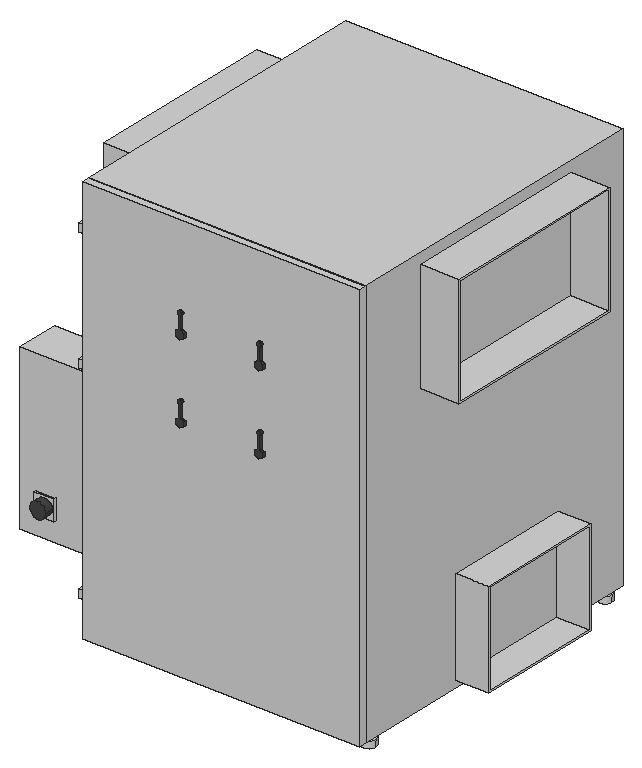
Revit family "Ventilator-RenewAire-Energy-Recovery-HE2XINV", category Mechanical Equipment, Revit 2015
Parameters (values of type "1.5 HP 120V Single Phase")
  Voltage = "120"
  Ventilation Type = "Static Plate, Heat and Humidity Transfer"
  Unit Width = "42\""
  Unit Weight = "412-583 lbs."
  Unit Length = "50-1/2\""
  Unit Height = "52-1/2\""
  Unit = Metal - RenewAire - Anodized - Gray Text
  URL = "www.renewaire.com"
  Typical Airflow Range = "500-2,200 CFM"
  Standard Features = "TEFC Premium efficiency motors, Motor starters, Non-Fused Disconnect, 24VAC Transformer/Relay Package"
  Shipping Weight = "678 lbs."
  Service Area Visibility = no
  Service Area Box = Interference - RenewAire - Smooth - Light - Gold
  Revit Object Download Link = ""
  Phase = "Single"
  Options = "Integrated programmable controls, Fused disconnect, Double wall construction, Factory supplied and mounted variable frequency drives (VFDs) – one or both airstreams, Class 1 low leakage motorized isolation dampers – OA, RA or both airstreams, Qty. 2 Factory mounted filter alarms, Exterior Paint - white, custom colors, Bypass economizer (see bypass DIM drawing) – dry bulb temperature controls (standard), enthalpy controls (option)"
  Optional Motorized Damper - FA = yes
  Optional Motorized Damper - EA = yes
  Number Motors = "Qty. 2, Belt drive blower/standard motor packages with adjustable sheaves"
  Model = "HE 2XINV"
  Minimum Circuit Amps = "34.2 A"
  Maximum Overcurrent Protection = "45 A"
  Max. Shipping Width = "47\""
  Max. Shipping Length = "70\""
  Max. Shipping Height = "57\""
  Manufacturer = "RenewAire LLC"
  Frequency = "60 HZ"
  FLA per Motor = "15.2"
  Description = "Energy Recovery Ventilator"
  Connector Base Material = Glass - With - Transparency
  Accessories = "Filters - MERV 13, 2\" (shipped loose), Digital time clock - wall mount(TC7D-W), in exterior enclosure (TC7D-E), Motion occupancy control - ceiling mount(MC-C), wall mount(MC-W), Carbon dioxide control - wall mount (CO2-W), duct mount(CO2-D), Electric duct heater – EK series (1-60 KW), Indirect gas-fired duct furnace - GH Series (50-400 MBH), installed downstream of any fans"
  AHRI 1060 Certified Core = "Two L125-G5"
Types (11): name | Voltage | Phase | Options | Minimum Circuit Amps | Maximum Overcurrent Protection | FLA per Motor
  (no name) | "120" | "Single" | "Integrated programmable controls, Fused disconnect, Double wall construction, Factory supplied and mounted variable frequency drives (VFDs) – one or both airstreams, Class 1 low leakage motorized isolation dampers – OA, RA or both airstreams, Qty. 2 Factory mounted filter alarms, Exterior Paint - white, custom colors, Bypass economizer (see bypass DIM drawing) – dry bulb temperature controls (standard), enthalpy controls (option)" | "34.2 A" | "45 A" | "15.2"
  1.5 HP 120V Single Phase | "120" | "Single" | "Integrated programmable controls, Fused disconnect, Double wall construction, Factory supplied and mounted variable frequency drives (VFDs) – one or both airstreams, Class 1 low leakage motorized isolation dampers – OA, RA or both airstreams, Qty. 2 Factory mounted filter alarms, Exterior Paint - white, custom colors, Bypass economizer (see bypass DIM drawing) – dry bulb temperature controls (standard), enthalpy controls (option)" | "34.2 A" | "45 A" | "15.2"
  1.5 HP 208-230V Single Phase | "208-230" | "Single" | "Integrated programmable controls, Fused disconnect, Double wall construction, Factory supplied and mounted variable frequency drives (VFDs) – one or both airstreams, Class 1 low leakage motorized isolation dampers – OA, RA or both airstreams, Qty. 2 Factory mounted filter alarms, Exterior Paint - white, custom colors, Bypass economizer (see bypass DIM drawing) – dry bulb temperature controls (standard), enthalpy controls (option)" | "18.5 A" | "25 A" | "8.2-7.6"
  1.5 HP 208-230V Three Phase | "208-230" | "Three" | "Integrated programmable controls, Fused disconnect, Double wall construction, Factory supplied and mounted variable frequency drives (VFDs) – one or both airstreams, Class 1 low leakage motorized isolation dampers – OA, RA or both airstreams, Qty. 2 Factory mounted filter alarms, Exterior Paint - white, custom colors, Bypass economizer (see bypass DIM drawing) – dry bulb temperature controls (standard), enthalpy controls (option)\r\nIntegrated programmable controls, Fused disconnect, Double wall construction, Factory supplied and mounted variable frequency drives (VFDs) – one or both airstreams, Class 1 low leakage motorized isolation dampers – FA, EA or both airstreams, Qty. 2 Factory mounted filter alarms, Exterior Paint - white, custom colors, Bypass economizer (see bypass DIM drawing) – dry bulb temperature controls (standard), enthalpy controls (option)" | "10.8 A" | "15 A" | "4.6-4.8"
  1.5 HP 460V Three Phase | "460" | "Three" | "Integrated programmable controls, Fused disconnect, Double wall construction, Factory supplied and mounted variable frequency drives (VFDs) – one or both airstreams, Class 1 low leakage motorized isolation dampers – OA, RA or both airstreams, Qty. 2 Factory mounted filter alarms, Exterior Paint - white, custom colors, Bypass economizer (see bypass DIM drawing) – dry bulb temperature controls (standard), enthalpy controls (option)" | "5.4 A" | "15 A" | "2.4"
  1.5 HP 575V Three Phase | "575" | "Three" | "Integrated programmable controls, Fused disconnect, Double wall construction, Factory supplied and mounted variable frequency drives (VFDs) – one or both airstreams, Class 1 low leakage motorized isolation dampers – OA, RA or both airstreams, Qty. 2 Factory mounted filter alarms, Exterior Paint - white, custom colors, Bypass economizer (see bypass DIM drawing) – dry bulb temperature controls (standard), enthalpy controls (option)" | "4.1 A" | "15 A" | "1.8"
  2.0 HP 120V Single Phase | "120" | "Single" | "Integrated programmable controls, Fused disconnect, Double wall construction, Factory supplied and mounted variable frequency drives (VFDs) – one or both airstreams, Class 1 low leakage motorized isolation dampers – OA, RA or both airstreams, Qty. 2 Factory mounted filter alarms, Exterior Paint - white, custom colors, Bypass economizer (see bypass DIM drawing) – dry bulb temperature controls (standard), enthalpy controls (option)" | "45.0 A" | "60 A" | "20.0"
  2.0 HP 208-230V Single Phase | "208-230" | "Single" | "Integrated programmable controls, Fused disconnect, Double wall construction, Factory supplied and mounted variable frequency drives (VFDs) – one or both airstreams, Class 1 low leakage motorized isolation dampers – OA, RA or both airstreams, Qty. 2 Factory mounted filter alarms, Exterior Paint - white, custom colors, Bypass economizer (see bypass DIM drawing) – dry bulb temperature controls (standard), enthalpy controls (option)" | "24.3 A" | "35 A" | "10.8-10.0"
  2.0 HP 208-230V Three Phase | "208-230" | "Three" | "Integrated programmable controls, Fused disconnect, Double wall construction, Factory supplied and mounted variable frequency drives (VFDs) – one or both airstreams, Class 1 low leakage motorized isolation dampers – OA, RA or both airstreams, Qty. 2 Factory mounted filter alarms, Exterior Paint - white, custom colors, Bypass economizer (see bypass DIM drawing) – dry bulb temperature controls (standard), enthalpy controls (option)" | "14.9" | "20 A" | "6.6-5.8"
  2.0 HP 460V Three Phase | "460" | "Three" | "Integrated programmable controls, Fused disconnect, Double wall construction, Factory supplied and mounted variable frequency drives (VFDs) – one or both airstreams, Class 1 low leakage motorized isolation dampers – OA, RA or both airstreams, Qty. 2 Factory mounted filter alarms, Exterior Paint - white, custom colors, Bypass economizer (see bypass DIM drawing) – dry bulb temperature controls (standard), enthalpy controls (option)" | "6.5 A" | "15 A" | "2.9"
  2.0 HP 575V Three Phase | "575" | "Three" | "Integrated programmable controls, Fused disconnect, Double wall construction, Factory supplied and mounted variable frequency drives (VFDs) – one or both airstreams, Class 1 low leakage motorized isolation dampers – OA, RA or both airstreams, Qty. 2 Factory mounted filter alarms, Exterior Paint - white, custom colors, Bypass economizer (see bypass DIM drawing) – dry bulb temperature controls (standard), enthalpy controls (option)" | "5.4 A" | "15 A" | "2.4"
Reference planes (in)
  plane 1 "Center (Front/Back)": y = 0
  plane 2: z = 0
  plane 3 "Center (Left/Right)": x = 0
Forms (in)
  Extrusion 1, solid, material "Metal - RenewAire - Anodized - Gray Text" <- "Unit"
    sketch origin (0, 0, 0) x (1, 0, 0) y (0, 0, 1)
      loop
        line (-17.4375, 51.625) -> (-17.4375, 0) -> (17.4375, 0) -> (17.4375, 51.625) -> (-17.4375, 51.625)
    from 20.25 to -20.25
  Extrusion 2, solid, material "Metal - RenewAire - Anodized - Gray Text"
    sketch origin (0, 0, 0) x (1, 0, 0) y (0, 0, 1)
      loop
        line (-17.4375, 51.625) -> (-17.4375, 0) -> (17.4375, 0) -> (17.4375, 51.625) -> (-17.4375, 51.625)
    from 21.25 to 20.25
  Extrusion 3, solid, material "Metal - RenewAire - Anodized - Gray Text"
    sketch origin (0, 0, 0) x (0, 1, 0) y (0, 0, 1)
      loop
        line (-6.125, 13) -> (-6.125, 1) -> (9.875, 1) -> (9.875, 13) -> (-6.125, 13)
      loop
        line (-6, 12.875) -> (-6, 1.125) -> (9.75, 1.125) -> (9.75, 12.875) -> (-6, 12.875)
    from 21.6875 to 17.4375
  Extrusion 4, solid, material "Metal - RenewAire - Anodized - Gray Text"
    sketch origin (0, 0, 0) x (0, 1, 0) y (0, 0, 1)
      loop
        line (-11.75, 50.375) -> (-11.75, 36.375) -> (12, 36.375) -> (12, 50.375) -> (-11.75, 50.375)
      loop
        line (-11.625, 50.25) -> (-11.625, 36.5) -> (11.875, 36.5) -> (11.875, 50.25) -> (-11.625, 50.25)
    from 22.4375 to 17.4375
  Extrusion 5, solid, material "Metal - RenewAire - Anodized - Gray Text"
    sketch origin (0, 0, 0) x (0, 1, 0) y (0, 0, 1)
      loop
        line (10.125, 13) -> (-5.875, 13) -> (-5.875, 1) -> (10.125, 1) -> (10.125, 13)
      loop
        line (10, 12.875) -> (-5.75, 12.875) -> (-5.75, 1.125) -> (10, 1.125) -> (10, 12.875)
    from -17.4375 to -21.6875
  Extrusion 6, solid, material "Metal - RenewAire - Anodized - Gray Text"
    sketch origin (0, 0, 16.5) x (0, 1, 0) y (0, 0, 1)
      loop
        line (12.375, 33.5) -> (-11.625, 33.5) -> (-11.625, 19.5) -> (12.375, 19.5) -> (12.375, 33.5)
      loop
        line (12.125, 33.25) -> (-11.375, 33.25) -> (-11.375, 19.75) -> (12.125, 19.75) -> (12.125, 33.25)
    from -17.4375 to -22.4375
  Extrusion 7, solid, material "Metal - RenewAire - Anodized - Gray Text" <- "Unit"
    sketch origin (0, 0, 0) x (0, 1, 0) y (0, 0, 1)
      loop
        line (-12.75, 28) -> (-18.25, 28) -> (-18.25, 7.5) -> (-12.75, 7.5) -> (-12.75, 28)
    from -17.4375 to -27.75
  Extrusion 8, solid, material "Metal - RenewAire - Anodized - Gray Text"
    sketch origin (7.625, 0, 0) x (1, 0, 0) y (0, 0, 1)
      loop
        line (-33.375, 12.5) -> (-33.375, 10) -> (-30.875, 10) -> (-30.875, 12.5) -> (-33.375, 12.5)
    from 18.25 to 18.5
  Extrusion 9, solid, material "MonitorPorts"
    sketch origin (7.625, 0, 0) x (1, 0, 0) y (0, 0, 1)
      loop
        circle (-32.125, 11.25) r 1
    from 19.5 to 18.5
  Extrusion 10, solid, material "Interference - RenewAire - Smooth - Light - Gold" <- "Service Area Box", visible <- "Service Area Visibility"
    sketch origin (0, 0, 0) x (1, 0, 0) y (0, 0, 1)
      loop
        line (-27.75, 51.625) -> (-27.75, 0) -> (17.4375, 0) -> (17.4375, 51.625) -> (-27.75, 51.625)
    from 58.125 to 21.25
  Extrusion 11, solid, material "Metal - RenewAire - Anodized - Gray Text"
    sketch origin (0, 0, 0) x (1, 0, 0) y (0, 1, 0)
      loop
        circle (-16.9375, 18.125) r 0.875
      loop
        circle (16.9375, 18.125) r 0.875
      loop
        circle (-16.9375, -19.125) r 0.875
      loop
        circle (16.9375, -19.125) r 0.875
    from 0 to -0.75
  Extrusion 12, solid, material "Metal - RenewAire - Anodized - Gray Text"
    sketch origin (0, 0, 0) x (1, 0, 0) y (0, 1, 0)
      loop
        line (-17.4375, -18) -> (-18.1875, -18) -> (-18.1875, -21) -> (-17.4375, -21) -> (-17.4375, -18)
    from 4.25 to 5.25
  Extrusion 13, solid, material "Metal - RenewAire - Anodized - Gray Text"
    sketch origin (0, 0, 0) x (1, 0, 0) y (0, 1, 0)
      loop
        line (-17.4375, -18) -> (-18.1875, -18) -> (-18.1875, -21) -> (-17.4375, -21) -> (-17.4375, -18)
    from 30.25 to 31.25
  Extrusion 14, solid, material "Metal - RenewAire - Anodized - Gray Text"
    sketch origin (0, 0, 0) x (1, 0, 0) y (0, 1, 0)
      loop
        line (-17.4375, -18) -> (-18.1875, -18) -> (-18.1875, -21) -> (-17.4375, -21) -> (-17.4375, -18)
    from 45.625 to 46.625
Dimensions and locks (in)
  Extrusion 6 sketch curve to Extrusion 6 sketch curve to Extrusion 4 = 0' - 0 1/4", 1' - 1 1/4"
  aligned and locked: level to plane 2
  aligned and locked: Extrusion 7 to Extrusion 10
Nested families (in)
  nested 1: "Monitoring Port" at (-5, -21.25, 41.48274) x (-1, 0, 0) z (0, 0, -1), type "Monitoring Port"
  nested 2: "Monitoring Port" at (-5, -21.25, 31.48274) x (-1, 0, 0) z (0, 0, -1), type "Monitoring Port"
  nested 3: "Monitoring Port" at (5, -21.25, 41.48274) x (-1, 0, 0) z (0, 0, -1), type "Monitoring Port"
  nested 4: "Monitoring Port" at (5, -21.25, 31.48274) x (-1, 0, 0) z (0, 0, -1), type "Monitoring Port"
Connectors (in)
  hvac at (-17.4375, 0.375, 43)
    settings: on Extrusion 6, index 1, duct flow 0 CFM, flow factor 0, pres drop 0.00 in-wg, loss coef 0, conn angle 0.00°, conn width 24", conn height 14", conn diameter 24", duct sys type 2, conn prof type 1, flow config 0, flow direction 1, loss method 0, conn ref index -1, conn util no, is conn primary yes, conn desc "RA (Return Air)"
  hvac at (-17.4375, 2.125, 7)
    settings: on Extrusion 5, index 2, duct flow 0 CFM, flow factor 0, pres drop 0.00 in-wg, loss coef 0, conn angle 0.00°, conn width 16", conn height 12", conn diameter 24", duct sys type 1, conn prof type 1, flow config 0, flow direction 2, loss method 0, conn ref index -1, conn util no, is conn primary no, conn desc "FA (Fresh Air)"
  hvac at (17.4375, 1.875, 7)
    settings: on Extrusion 3, index 3, duct flow 0 CFM, flow factor 0, pres drop 0.00 in-wg, loss coef 0, conn angle 0.00°, conn width 16", conn height 12", conn diameter 24", duct sys type 3, conn prof type 1, flow config 0, flow direction 2, loss method 0, conn ref index -1, conn util no, is conn primary no, conn desc "EA (Exhaust Air)"
  hvac at (17.4375, 0.125, 43.375)
    settings: on Extrusion 4, index 4, duct flow 0 CFM, flow factor 0, pres drop 0.00 in-wg, loss coef 0, conn angle 0.00°, conn width 24", conn height 14", conn diameter 24", duct sys type 4, conn prof type 1, flow config 0, flow direction 1, loss method 0, conn ref index -1, conn util no, is conn primary no, conn desc "OA (Outside Air)"
Definition of nested family "Monitoring Port"
  Parameters
    URL = "www.renewaire.com"
    Revit Object Download Link = ""
    Model = ""
    Manufacturer = "RenewAire LLC"
    Description = "Monitoring Ports"
  Reference planes (in)
    plane 1 "Center (Front/Back)": y = 0
    plane 2: z = 0
    plane 3 "Center (Left/Right)": x = 0
  Forms (in)
    Extrusion 1, solid
      sketch origin (-9.43348, 0, 37.76669) x (-1, 0, 0) y (0, 0, -1)
        loop
          line (-9.53348, 35.65895) -> (-9.94097, 35.42369) -> (-9.94097, 34.83769) -> (-9.43348, 34.54469) -> (-8.92599, 34.83769) -> (-8.92599, 35.42369) -> (-9.33348, 35.65895) -> (-9.33348, 37.28756)
          arc (-9.33348, 37.28756) -> (-9.43348, 37.76669) -> (-9.53348, 37.28756) r 0.25
          line (-9.53348, 37.28756) -> (-9.53348, 35.65895)
      from 0 to 0.25
  Dimensions and locks (in)
    aligned and locked: level to plane 2
